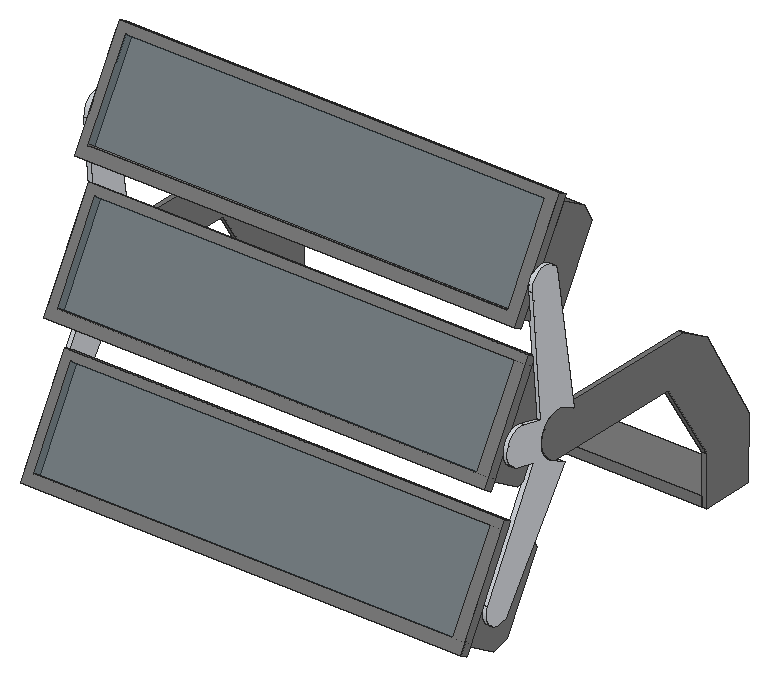
Revit family "Lighting-Proiezione-GEWISS-STADIUMPRO3-PROIETTORI-LED-ALTA-POTENZA_3MODULI", category Apparecchi per illuminazione, host Superficie, Revit 2019
Family settings
  Host = Superficie
  Quota connettore circolare = Usa diametro
  Tipo di parte = Normale
  Taglio con vuoti quando caricato = No
  Sorgente d'illuminazione = Sì
  Condiviso = No
  Punto di calcolo locali = Sì
Parameters (values of type "GWP3331AL740 - STADIUM PRO 3M CL.I C4 CRI 70 4000K")
  larghezza lampada = Lugnezza massima - 24 mm  # 50 mm
  Wattage = 9.2903 W
  Viti esterne = "Acciaio inossidabile"
  Visibilità etichetta [instance] = yes
  Visibilità simbolo [instance] = yes
  Visibilità lampada in pianta [instance] = yes
  Versioni = "Luce naturale 4000K"
  Versione file RFA = "21.4"
  Variazione temperatura colore lampada con luminosità attenuata = (empty or 0)
  Vano di alimentazione = "Esterno"
  URL = "https://www.gewiss.com/it/it"
  Tolleranza cromatica = "SDCM = 5"
  Tipologia sorgente luminosa = "LED - Non sostituibile"
  Tipo di installazione e montaggio = "Torrefaro - Parete"
  Tipo di apparecchio = "Proiettore LED ad alta potenza"
  Tensione di alimentazione = "Secondo driver esterno"
  Temperatura di stoccaggio = "-"
  Temperatura di esercizio = "-25 +50 °C"
  built-in parameter 1150107 = 3200 (stored number, unit not read)
  Superficie massima esposta al vento : = "0,36 m2"
  Spostamento_x_effettivo [instance] = 4000 mm - Spostamento_x  # 4000 mm
  Spostamento_x [instance] = 0 mm
  Spostamento_y_effettivo [instance] = 4000 mm - Spostamento_y  # 4000 mm
  Spostamento_y [instance] = 0 mm
  SostituibilitÃ  piastra di cablaggio = "Si"
  SostituibilitÃ  gruppo ottico = "Non disponibile"
  Sistema di controllo = "Secondo driver esterno"
  Schermo = "Vetro piano extrachiaro spessore 4mm"
  Scheda Tecnica = "https://www.gewiss.com/it/it/search?q=GWP3331AL740"
  SEO = "Proiettore"
  Resistenza al filo incandescente = "-"
  Resistenza agli urti = "IK08"
  ROTAZIONE [instance] = 45
  built-in parameter 1150110 = 1 (stored number, unit not read)
  built-in parameter 1150109 = 1 (stored number, unit not read)
  built-in parameter 1114218 = 1 (stored number, unit not read)
  built-in parameter 1150112 = 1 (stored number, unit not read)
  POSIZIONE = 80000  # constant formula
  Ottica = "Circolare 15°"
  Norma di riferimento = "EN60598-1; EN60598-2-5; IEC 62471; IEC 62778"
  built-in parameter 1150142 = (empty or 0)
  built-in parameter 1150137 = (empty or 0)
  built-in parameter 1150132 = (empty or 0)
  Materiali = "-"
  Lugnezza massima = 74 mm
  Default Elevation = 1219.2 mm
  Produttore = "GEWISS S.p.A."
  Nome quadro [instance] = "330W"
  Modello = "GWP3331AL740"
  built-in parameter 1150105 = 109.82 (stored number, unit not read)
  built-in parameter 1150102 = (empty or 0)
  Installazione e manutenzione = "-"
  Informazioni generali = "-"
  Indice di resa cromatica = "CRI70"
  Inclinazione = "Rotazione su staffa con goniometro integrato"
  Immagine tipo = StadiumPro3.jpg
  built-in parameter 1150106 = 1.0982 (stored number, unit not read)
  IPEA = "STRADALE = A+ // GRANDI AREE = A3+ // CICLOPEDONALI = A++ // AREE VERDI = A++ // CENTRO STORICO = A5+ // ALTRO = A5+"
  IDT = "0552d4b8-4f10-43b5-b8ac-94f59a03828d"
  IDF = "b2048fe9-9939-4037-9b2b-b47a7e936639"
  Guarnizioni = "silicone antinvecchiamento"
  Gruppo ottico = "lente T.I.R.Ex. in PMMA HT"
  Grado di protezione = "IP66"
  Garanzia = "5 anni"
  Gancio di chiusura = "-"
  Frequenza nominale (Hz) = "Secondo driver esterno"
  Lumens = 1380 lm
  Fissaggio = "Staffa"
  Finitura colore = "Verniciato a polvere poliestere"
  Color Filter = 16777215
  File diagramma fotometrico = "generic"
  built-in parameter 1114217 = 1 (stored number, unit not read)
  built-in parameter 1150139 = (empty or 0)
  Failure rate alimentatore = "Secondo driver esterno"
  Emit from Line Length = 609.6 mm
  built-in parameter 1150104 = 13.8 (stored number, unit not read)
  Durata di vita = "L90B10(Tq25°C)=40.000h; L80B10(Tq25°C)=75.000h"
  Distanza dal host [instance] = 0 mm
  Dispositivo di protezione = "Secondo driver esterno"
  built-in parameter 1150115 = 1 (stored number, unit not read)
  built-in parameter 1150114 = 1 (stored number, unit not read)
  built-in parameter 1150113 = 1 (stored number, unit not read)
  Descrizione = "STADIUM PRO 3M CL.I C4 CRI 70 4000K"
  Creato da GEWISS S.p.A. = ""
  Corpo = "Alluminio pressofuso"
  Controllo abbagliamento e luminanza = "ULOR = 0%"
  Contesto = "Illuminazione sportiva professionale"
  built-in parameter 1150134 = 3
  built-in parameter 1150138 = (empty or 0)
  Colore = "Grigio grafite"
  Codice digitale univoco (Datamatrix) = "Attualmente non presente"
  Codice EAN = ""
  Classificazione: = "-"
  Classe isolamento = "I"
  Classe fotobiologica = "-"
  Certificazioni e classificazioni = "-"
  Certificazione DIN 18032-3 = "-"
  Catalogo = "LIGHTING"
  Caratteristiche ottiche e illuminotecniche = "-"
  Caratteristiche elettriche e gestione della luce = "-"
  Cablaggio = "Cavo multipolare tra proiettore e gruppo alimentazione"
  COBie.Tagnumber = ""
  COBie.CreatedOn = ""
  COBie.CreatebBy = ""
  COBie.ComponentRegisterItemID = ""
  COBie.Component.TagNumber = ""
  COBie.Component.Space = ""
  COBie.Component.SerialNumber = ""
  COBie.Component.InstallationDate = ""
  COBie.Component.Description = ""
  COBie.Component.BarCode = ""
  Applicazione = "Interno / Esterno"
  Apparecchio a ridotta temperatura superficiale = "-"
  Angolo inclinazione = 60.00°
  Alimentatore = "Da ordinare separatamente"
  built-in parameter 1150133 = 10 (stored number, unit not read)
Types (45, lengths in mm): name | Versioni | Tolleranza cromatica | Scheda Tecnica | Ottica | Modello | Indice di resa cromatica | IPEA | IDT | Descrizione | Catalogo
  GWP3331AA740 - STADIUM PRO 3M CL.I S1 CRI 70 4000K | "Luce naturale 4000K" | "SDCM = 5" | "https://www.gewiss.com/it/it/search?q=GWP3331AA740" | "Ellittica 20°x80°" | "GWP3331AA740" | "CRI70" | "STRADALE = A // GRANDI AREE = A++ // CICLOPEDONALI = A+ // AREE VERDI = A+ // CENTRO STORICO = A3+ // ALTRO = A3+" | "71fdabe4-705b-402b-bde7-404b13334075" | "STADIUM PRO 3M CL.I S1 CRI 70 4000K" | "LIGHTING"
  GWP3331AA757 - STADIUM PRO 3M CL.I S1 CRI 70 5700K | "Luce fredda 5700K" | "SDCM = 5" | "https://www.gewiss.com/it/it/search?q=GWP3331AA757" | "Ellittica 20°x80°" | "GWP3331AA757" | "CRI70" | "STRADALE = A // GRANDI AREE = A++ // CICLOPEDONALI = A+ // AREE VERDI = A+ // CENTRO STORICO = A3+ // ALTRO = A3+" | "86822715-ef8b-44fd-92cd-ddf05a0e0fc7" | "STADIUM PRO 3M CL.I S1 CRI 70 5700K" | "LIGHTING"
  GWP3331AA840 - STADIUM PRO 3M CL.I S1 CRI 80 4000K | "Luce naturale 4000K" | "SDCM = 3" | "https://www.gewiss.com/it/it/search?q=GWP3331AA840" | "Ellittica 20°x80°" | "GWP3331AA840" | "CRI 80" | "STRADALE = C // GRANDI AREE = A // CICLOPEDONALI = B // AREE VERDI = B // CENTRO STORICO = A+ // ALTRO = A+" | "6c9d6176-3996-44ba-8557-1cde0ca94f63" | "STADIUM PRO 3M CL.I S1 CRI 80 4000K" | "LIGHTING"
  GWP3331AA857 - STADIUM PRO 3M CL.I S1 CRI 80 5700K | "Luce fredda 5700K" | "SDCM = 3" | "https://www.gewiss.com/it/it/search?q=GWP3331AA857" | "Ellittica 20°x80°" | "GWP3331AA857" | "CRI 80" | "STRADALE = C // GRANDI AREE = A // CICLOPEDONALI = B // AREE VERDI = B // CENTRO STORICO = A+ // ALTRO = A+" | "d7a86529-2c71-42a8-9ee4-7475fefc1f36" | "STADIUM PRO 3M CL.I S1 CRI 80 5700K" | "LIGHTING"
  GWP3331AA957 - STADIUM PRO 3M CL.I S1 CRI 90 5700K | "Luce fredda 5700K" | "SDCM = 3" | "https://www.gewiss.com/it/it/search?q=GWP3331AA957" | "Ellittica 20°x80°" | "GWP3331AA957" | "CRI>90 TLCI>80" | "STRADALE = D // GRANDI AREE = C // CICLOPEDONALI = C // AREE VERDI = C // CENTRO STORICO = B // ALTRO = B" | "8c9b0eee-78f9-48f0-b5b3-69a8bcf728a4" | "STADIUM PRO 3M CL.I S1 CRI 90 5700K" | "LIGHTING"
  GWP3331AB740 - STADIUM PRO 3M CL.I A1 CRI 70 4000K | "Luce naturale 4000K" | "SDCM = 5" | "https://www.gewiss.com/it/it/search?q=GWP3331AB740" | "Asimmetrica 45°" | "GWP3331AB740" | "CRI70" | "STRADALE = B // GRANDI AREE = A+ // CICLOPEDONALI = A // AREE VERDI = A // CENTRO STORICO = A++ // ALTRO = A++" | "7779b545-235d-4d2d-a88c-e6b2111916b2" | "STADIUM PRO 3M CL.I A1 CRI 70 4000K" | "LIGHTING"
  GWP3331AB757 - STADIUM PRO 3M CL.I A1 CRI 70 5700K | "Luce fredda 5700K" | "SDCM = 5" | "https://www.gewiss.com/it/it/search?q=GWP3331AB757" | "Asimmetrica 45°" | "GWP3331AB757" | "CRI70" | "STRADALE = B // GRANDI AREE = A+ // CICLOPEDONALI = A // AREE VERDI = A // CENTRO STORICO = A++ // ALTRO = A++" | "cd94a00a-7a15-480d-99f9-1775612c0266" | "STADIUM PRO 3M CL.I A1 CRI 70 5700K" | "LIGHTING"
  GWP3331AB840 - STADIUM PRO 3M CL.I A1 CRI 80 4000K | "Luce naturale 4000K" | "SDCM = 3" | "https://www.gewiss.com/it/it/search?q=GWP3331AB840" | "Asimmetrica 45°" | "GWP3331AB840" | "CRI 80" | "STRADALE = C // GRANDI AREE = B // CICLOPEDONALI = C // AREE VERDI = C // CENTRO STORICO = A+ // ALTRO = A+" | "0763388b-06d3-4791-af85-db7ff9b0ad57" | "STADIUM PRO 3M CL.I A1 CRI 80 4000K" | "LIGHTING"
  GWP3331AB857 - STADIUM PRO 3M CL.I A1 CRI 80 5700K | "Luce fredda 5700K" | "SDCM = 3" | "https://www.gewiss.com/it/it/search?q=GWP3331AB857" | "Asimmetrica 45°" | "GWP3331AB857" | "CRI 80" | "STRADALE = C // GRANDI AREE = B // CICLOPEDONALI = C // AREE VERDI = C // CENTRO STORICO = A+ // ALTRO = A+" | "0cd2f741-1339-4252-b5d5-594086270e6f" | "STADIUM PRO 3M CL.I A1 CRI 80 5700K" | "LIGHTING"
  GWP3331AB957 - STADIUM PRO 3M CL.I A1 CRI 90 5700K | "Luce fredda 5700K" | "SDCM = 3" | "https://www.gewiss.com/it/it/search?q=GWP3331AB957" | "Asimmetrica 45°" | "GWP3331AB957" | "CRI>90 TLCI>80" | "STRADALE = D // GRANDI AREE = C // CICLOPEDONALI = D // AREE VERDI = D // CENTRO STORICO = B // ALTRO = B" | "7879698d-3909-4ecf-8006-535fa260dbb2" | "STADIUM PRO 3M CL.I A1 CRI 90 5700K" | "LIGHTING"
  GWP3331AC740 - STADIUM PRO 3M CL.I A2 CRI 70 4000K | "Luce naturale 4000K" | "SDCM = 5" | "https://www.gewiss.com/it/it/search?q=GWP3331AC740" | "Asimmetrica 60°" | "GWP3331AC740" | "CRI70" | "STRADALE = C // GRANDI AREE = A // CICLOPEDONALI = B // AREE VERDI = B // CENTRO STORICO = A+ // ALTRO = A+" | "815a150e-9c42-445c-a4b8-0061953f2721" | "STADIUM PRO 3M CL.I A2 CRI 70 4000K" | "LIGHTING"
  GWP3331AC757 - STADIUM PRO 3M CL.I A2 CRI 70 5700K | "Luce fredda 5700K" | "SDCM = 5" | "https://www.gewiss.com/it/it/search?q=GWP3331AC757" | "Asimmetrica 60°" | "GWP3331AC757" | "CRI70" | "STRADALE = C // GRANDI AREE = A // CICLOPEDONALI = B // AREE VERDI = B // CENTRO STORICO = A+ // ALTRO = A+" | "915c9f21-ba1a-4954-849c-20926e506c8f" | "STADIUM PRO 3M CL.I A2 CRI 70 5700K" | "LIGHTING"
  GWP3331AC840 - STADIUM PRO 3M CL.I A2 CRI 80 4000K | "Luce naturale 4000K" | "SDCM = 3" | "https://www.gewiss.com/it/it/search?q=GWP3331AC840" | "Asimmetrica 60°" | "GWP3331AC840" | "CRI 80" | "STRADALE = D // GRANDI AREE = B // CICLOPEDONALI = C // AREE VERDI = C // CENTRO STORICO = A // ALTRO = A" | "36156798-dc2a-4a24-876f-3ad15a323767" | "STADIUM PRO 3M CL.I A2 CRI 80 4000K" | "LIGHTING"
  GWP3331AC857 - STADIUM PRO 3M CL.I A2 CRI 80 5700K | "Luce fredda 5700K" | "SDCM = 3" | "https://www.gewiss.com/it/it/search?q=GWP3331AC857" | "Asimmetrica 60°" | "GWP3331AC857" | "CRI 80" | "STRADALE = D // GRANDI AREE = B // CICLOPEDONALI = C // AREE VERDI = C // CENTRO STORICO = A // ALTRO = A" | "a20a3174-aa11-4737-9ba4-7e90430fb485" | "STADIUM PRO 3M CL.I A2 CRI 80 5700K" | "LIGHTING"
  GWP3331AC957 - STADIUM PRO 3M CL.I A2 CRI 90 5700K | "Luce fredda 5700K" | "SDCM = 3" | "https://www.gewiss.com/it/it/search?q=GWP3331AC957" | "Asimmetrica 60°" | "GWP3331AC957" | "CRI>90 TLCI>80" | "STRADALE = D // GRANDI AREE = C // CICLOPEDONALI = D // AREE VERDI = D // CENTRO STORICO = C // ALTRO = C" | "6608a637-5511-41da-b4f4-c256cdc47868" | "STADIUM PRO 3M CL.I A2 CRI 90 5700K" | "LIGHTING"
  GWP3331AF740 - STADIUM PRO 3M CL.I C1 CRI 70 4000K | "Luce naturale 4000K" | "SDCM = 5" | "https://www.gewiss.com/it/it/search?q=GWP3331AF740" | "Circolare 40°" | "GWP3331AF740" | "CRI70" | "STRADALE = A // GRANDI AREE = A++ // CICLOPEDONALI = A+ // AREE VERDI = A+ // CENTRO STORICO = A3+ // ALTRO = A3+" | "f46962fe-b53f-4c9f-81fd-3338e319fd29" | "STADIUM PRO 3M CL.I C1 CRI 70 4000K" | "LIGHTING"
  GWP3331AF757 - STADIUM PRO 3M CL.I C1 CRI 70 5700K | "Luce fredda 5700K" | "SDCM = 5" | "https://www.gewiss.com/it/it/search?q=GWP3331AF757" | "Circolare 40°" | "GWP3331AF757" | "CRI70" | "STRADALE = A // GRANDI AREE = A++ // CICLOPEDONALI = A+ // AREE VERDI = A+ // CENTRO STORICO = A3+ // ALTRO = A3+" | "702547e1-c0cd-444c-8765-e8e4b7414ba0" | "STADIUM PRO 3M CL.I C1 CRI 70 5700K" | "LIGHTING"
  GWP3331AF840 - STADIUM PRO 3M CL.I C1 CRI 80 4000K | "Luce naturale 4000K" | "SDCM = 3" | "https://www.gewiss.com/it/it/search?q=GWP3331AF840" | "Circolare 40°" | "GWP3331AF840" | "CRI 80" | "STRADALE = C // GRANDI AREE = A // CICLOPEDONALI = B // AREE VERDI = B // CENTRO STORICO = A+ // ALTRO = A+" | "a2956d2d-f5de-4c93-86d0-7d418a8d4cef" | "STADIUM PRO 3M CL.I C1 CRI 80 4000K" | "LIGHTING"
  GWP3331AF857 - STADIUM PRO 3M CL.I C1 CRI 80 5700K | "Luce fredda 5700K" | "SDCM = 3" | "https://www.gewiss.com/it/it/search?q=GWP3331AF857" | "Circolare 40°" | "GWP3331AF857" | "CRI 80" | "STRADALE = C // GRANDI AREE = A // CICLOPEDONALI = B // AREE VERDI = B // CENTRO STORICO = A+ // ALTRO = A+" | "92a87940-a9e4-4797-9f21-019feff4503c" | "STADIUM PRO 3M CL.I C1 CRI 80 5700K" | "LIGHTING"
  GWP3331AF957 - STADIUM PRO 3M CL.I C1 CRI 90 5700K | "Luce fredda 5700K" | "SDCM = 3" | "https://www.gewiss.com/it/it/search?q=GWP3331AF957" | "Circolare 40°" | "GWP3331AF957" | "CRI>90 TLCI>80" | "STRADALE = D // GRANDI AREE = C // CICLOPEDONALI = C // AREE VERDI = C // CENTRO STORICO = B // ALTRO = B" | "6ac2cecf-453b-4bb9-a587-70d62aa0fd80" | "STADIUM PRO 3M CL.I C1 CRI 90 5700K" | "LIGHTING"
  GWP3331AG740 - STADIUM PRO 3M CL.I C2 CRI 70 4000K | "Luce naturale 4000K" | "SDCM = 5" | "https://www.gewiss.com/it/it/search?q=GWP3331AG740" | "Circolare 30°" | "GWP3331AG740" | "CRI70" | "STRADALE = A // GRANDI AREE = A3+ // CICLOPEDONALI = A+ // AREE VERDI = A+ // CENTRO STORICO = A4+ // ALTRO = A4+" | "5290b1b7-c64a-49e5-8722-827858a68237" | "STADIUM PRO 3M CL.I C2 CRI 70 4000K" | "E-MOBILITY"
  GWP3331AG757 - STADIUM PRO 3M CL.I C2 CRI 70 5700K | "Luce fredda 5700K" | "SDCM = 5" | "https://www.gewiss.com/it/it/search?q=GWP3331AG757" | "Circolare 30°" | "GWP3331AG757" | "CRI70" | "STRADALE = A // GRANDI AREE = A3+ // CICLOPEDONALI = A+ // AREE VERDI = A+ // CENTRO STORICO = A4+ // ALTRO = A4+" | "81c4e4d4-3526-4bd5-a476-a2a7c36a0262" | "STADIUM PRO 3M CL.I C2 CRI 70 5700K" | "E-MOBILITY"
  GWP3331AG840 - STADIUM PRO 3M CL.I C2 CRI 80 4000K | "Luce naturale 4000K" | "SDCM = 3" | "https://www.gewiss.com/it/it/search?q=GWP3331AG840" | "Circolare 30°" | "GWP3331AG840" | "CRI 80" | "STRADALE = B // GRANDI AREE = A+ // CICLOPEDONALI = A // AREE VERDI = A // CENTRO STORICO = A++ // ALTRO = A++" | "a9f5d21e-61cc-4412-90f5-663f16b3a050" | "STADIUM PRO 3M CL.I C2 CRI 80 4000K" | "E-MOBILITY"
  GWP3331AG857 - STADIUM PRO 3M CL.I C2 CRI 80 5700K | "Luce fredda 5700K" | "SDCM = 3" | "https://www.gewiss.com/it/it/search?q=GWP3331AG857" | "Circolare 30°" | "GWP3331AG857" | "CRI 80" | "STRADALE = B // GRANDI AREE = A+ // CICLOPEDONALI = A // AREE VERDI = A // CENTRO STORICO = A++ // ALTRO = A++" | "774f905b-7e1d-4775-b545-e0850524c04a" | "STADIUM PRO 3M CL.I C2 CRI 80 5700K" | "E-MOBILITY"
  GWP3331AG957 - STADIUM PRO 3M CL.I C2 CRI 90 5700K | "Luce fredda 5700K" | "SDCM = 3" | "https://www.gewiss.com/it/it/search?q=GWP3331AG957" | "Circolare 30°" | "GWP3331AG957" | "CRI>90 TLCI>80" | "STRADALE = C // GRANDI AREE = B // CICLOPEDONALI = C // AREE VERDI = C // CENTRO STORICO = A // ALTRO = A" | "db11d14e-f22d-4704-b172-c2878a01aaf5" | "STADIUM PRO 3M CL.I C2 CRI 90 5700K" | "E-MOBILITY"
  GWP3331AH740 - STADIUM PRO 3M CL.I C3 CRI 70 4000K | "Luce naturale 4000K" | "SDCM = 5" | "https://www.gewiss.com/it/it/search?q=GWP3331AH740" | "Circolare 20°" | "GWP3331AH740" | "CRI70" | "STRADALE = A // GRANDI AREE = A3+ // CICLOPEDONALI = A+ // AREE VERDI = A+ // CENTRO STORICO = A4+ // ALTRO = A4+" | "ce776ef3-688d-444e-bfc2-ab5dcef6a08b" | "STADIUM PRO 3M CL.I C3 CRI 70 4000K" | "LIGHTING"
  GWP3331AH757 - STADIUM PRO 3M CL.I C3 CRI 70 5700K | "Luce fredda 5700K" | "SDCM = 5" | "https://www.gewiss.com/it/it/search?q=GWP3331AH757" | "Circolare 20°" | "GWP3331AH757" | "CRI70" | "STRADALE = A // GRANDI AREE = A3+ // CICLOPEDONALI = A+ // AREE VERDI = A+ // CENTRO STORICO = A4+ // ALTRO = A4+" | "bf0c7a26-62ab-4f78-b6cd-52980975e69f" | "STADIUM PRO 3M CL.I C3 CRI 70 5700K" | "LIGHTING"
  GWP3331AH840 - STADIUM PRO 3M CL.I C3 CRI 80 4000K | "Luce naturale 4000K" | "SDCM = 3" | "https://www.gewiss.com/it/it/search?q=GWP3331AH840" | "Circolare 20°" | "GWP3331AH840" | "CRI 80" | "STRADALE = B // GRANDI AREE = A+ // CICLOPEDONALI = A // AREE VERDI = A // CENTRO STORICO = A++ // ALTRO = A++" | "97a5dc25-16c0-4c51-8f42-66c89eeb39dc" | "STADIUM PRO 3M CL.I C3 CRI 80 4000K" | "LIGHTING"
  GWP3331AH857 - STADIUM PRO 3M CL.I C3 CRI 80 5700K | "Luce fredda 5700K" | "SDCM = 3" | "https://www.gewiss.com/it/it/search?q=GWP3331AH857" | "Circolare 20°" | "GWP3331AH857" | "CRI 80" | "STRADALE = B // GRANDI AREE = A+ // CICLOPEDONALI = A // AREE VERDI = A // CENTRO STORICO = A++ // ALTRO = A++" | "dce5b2c5-2183-47f1-afb5-765aefca26e8" | "STADIUM PRO 3M CL.I C3 CRI 80 5700K" | "LIGHTING"
  GWP3331AH957 - STADIUM PRO 3M CL.I C3 CRI 90 5700K | "Luce fredda 5700K" | "SDCM = 3" | "https://www.gewiss.com/it/it/search?q=GWP3331AH957" | "Circolare 20°" | "GWP3331AH957" | "CRI>90 TLCI>80" | "STRADALE = C // GRANDI AREE = B // CICLOPEDONALI = C // AREE VERDI = C // CENTRO STORICO = A // ALTRO = A" | "ba6318ad-611b-439e-b5c2-aca014c0d9dc" | "STADIUM PRO 3M CL.I C3 CRI 90 5700K" | "LIGHTING"
  GWP3331AL740 - STADIUM PRO 3M CL.I C4 CRI 70 4000K | "Luce naturale 4000K" | "SDCM = 5" | "https://www.gewiss.com/it/it/search?q=GWP3331AL740" | "Circolare 15°" | "GWP3331AL740" | "CRI70" | "STRADALE = A+ // GRANDI AREE = A3+ // CICLOPEDONALI = A++ // AREE VERDI = A++ // CENTRO STORICO = A5+ // ALTRO = A5+" | "0552d4b8-4f10-43b5-b8ac-94f59a03828d" | "STADIUM PRO 3M CL.I C4 CRI 70 4000K" | "LIGHTING"
  GWP3331AL757 - STADIUM PRO 3M CL.I C4 CRI 70 5700K | "Luce fredda 5700K" | "SDCM = 5" | "https://www.gewiss.com/it/it/search?q=GWP3331AL757" | "Circolare 15°" | "GWP3331AL757" | "CRI70" | "STRADALE = A+ // GRANDI AREE = A3+ // CICLOPEDONALI = A++ // AREE VERDI = A++ // CENTRO STORICO = A5+ // ALTRO = A5+" | "73ce639a-ade1-45e8-83a6-d947f467ffc0" | "STADIUM PRO 3M CL.I C4 CRI 70 5700K" | "LIGHTING"
  GWP3331AL840 - STADIUM PRO 3M CL.I C4 CRI 80 4000K | "Luce naturale 4000K" | "SDCM = 3" | "https://www.gewiss.com/it/it/search?q=GWP3331AL840" | "Circolare 15°" | "GWP3331AL840" | "CRI 80" | "STRADALE = B // GRANDI AREE = A+ // CICLOPEDONALI = A // AREE VERDI = A // CENTRO STORICO = A++ // ALTRO = A++" | "19e65261-286f-48ed-97d2-5e6e49ac884a" | "STADIUM PRO 3M CL.I C4 CRI 80 4000K" | "LIGHTING"
  GWP3331AL857 - STADIUM PRO 3M CL.I C4 CRI 80 5700K | "Luce fredda 5700K" | "SDCM = 3" | "https://www.gewiss.com/it/it/search?q=GWP3331AL857" | "Circolare 15°" | "GWP3331AL857" | "CRI 80" | "STRADALE = B // GRANDI AREE = A+ // CICLOPEDONALI = A // AREE VERDI = A // CENTRO STORICO = A++ // ALTRO = A++" | "ff0fbeb8-f432-456e-b48a-ec8e42250fba" | "STADIUM PRO 3M CL.I C4 CRI 80 5700K" | "LIGHTING"
  GWP3331AL957 - STADIUM PRO 3M CL.I C4 CRI 90 5700K | "Luce fredda 5700K" | "SDCM = 3" | "https://www.gewiss.com/it/it/search?q=GWP3331AL957" | "Circolare 15°" | "GWP3331AL957" | "CRI>90 TLCI>80" | "STRADALE = C // GRANDI AREE = B // CICLOPEDONALI = C // AREE VERDI = C // CENTRO STORICO = A // ALTRO = A" | "a7b0abd9-eeeb-44e5-8f71-daae8391bdf7" | "STADIUM PRO 3M CL.I C4 CRI 90 5700K" | "LIGHTING"
  GWP3331AM740 - STADIUM PRO 3M CL.I C5 CRI 70 4000K | "Luce naturale 4000K" | "SDCM = 5" | "https://www.gewiss.com/it/it/search?q=GWP3331AM740" | "Circolare 10°" | "GWP3331AM740" | "CRI70" | "STRADALE = A+ // GRANDI AREE = A3+ // CICLOPEDONALI = A++ // AREE VERDI = A++ // CENTRO STORICO = A5+ // ALTRO = A5+" | "b7cdc911-917d-4dfa-b375-a9316b186adc" | "STADIUM PRO 3M CL.I C5 CRI 70 4000K" | "LIGHTING"
  GWP3331AM757 - STADIUM PRO 3M CL.I C5 CRI 70 5700K | "Luce fredda 5700K" | "SDCM = 5" | "https://www.gewiss.com/it/it/search?q=GWP3331AM757" | "Circolare 10°" | "GWP3331AM757" | "CRI70" | "STRADALE = A+ // GRANDI AREE = A3+ // CICLOPEDONALI = A++ // AREE VERDI = A++ // CENTRO STORICO = A5+ // ALTRO = A5+" | "f908a28e-8f6d-4745-a78d-ffd2d7fa923e" | "STADIUM PRO 3M CL.I C5 CRI 70 5700K" | "LIGHTING"
  GWP3331AM840 - STADIUM PRO 3M CL.I C5 CRI 80 4000K | "Luce naturale 4000K" | "SDCM = 3" | "https://www.gewiss.com/it/it/search?q=GWP3331AM840" | "Circolare 10°" | "GWP3331AM840" | "CRI 80" | "STRADALE = B // GRANDI AREE = A+ // CICLOPEDONALI = A // AREE VERDI = A // CENTRO STORICO = A++ // ALTRO = A++" | "215ed7bf-df99-4965-a5d5-e1b266dc5921" | "STADIUM PRO 3M CL.I C5 CRI 80 4000K" | "LIGHTING"
  GWP3331AM857 - STADIUM PRO 3M CL.I C5 CRI 80 5700K | "Luce fredda 5700K" | "SDCM = 3" | "https://www.gewiss.com/it/it/search?q=GWP3331AM857" | "Circolare 10°" | "GWP3331AM857" | "CRI 80" | "STRADALE = B // GRANDI AREE = A+ // CICLOPEDONALI = A // AREE VERDI = A // CENTRO STORICO = A++ // ALTRO = A++" | "cc49035c-61d2-40c0-96bd-6905311b9708" | "STADIUM PRO 3M CL.I C5 CRI 80 5700K" | "LIGHTING"
  GWP3331AM957 - STADIUM PRO 3M CL.I C5 CRI 90 5700K | "Luce fredda 5700K" | "SDCM = 3" | "https://www.gewiss.com/it/it/search?q=GWP3331AM957" | "Circolare 10°" | "GWP3331AM957" | "CRI>90 TLCI>80" | "STRADALE = C // GRANDI AREE = B // CICLOPEDONALI = C // AREE VERDI = C // CENTRO STORICO = A // ALTRO = A" | "683fba22-30e8-4dd1-a8d4-a609f3f74284" | "STADIUM PRO 3M CL.I C5 CRI 90 5700K" | "LIGHTING"
  GWP3331AN740 - STADIUM PRO 3M CL.I C6 CRI 70 4000K | "Luce naturale 4000K" | "SDCM = 5" | "https://www.gewiss.com/it/it/search?q=GWP3331AN740" | "Circolare 8°" | "GWP3331AN740" | "CRI70" | "STRADALE = A // GRANDI AREE = A++ // CICLOPEDONALI = A+ // AREE VERDI = A+ // CENTRO STORICO = A3+ // ALTRO = A3+" | "7a008514-a58f-4326-89a7-589802c57b4a" | "STADIUM PRO 3M CL.I C6 CRI 70 4000K" | "LIGHTING"
  GWP3331AN757 - STADIUM PRO 3M CL.I C6 CRI 70 5700K | "Luce fredda 5700K" | "SDCM = 5" | "https://www.gewiss.com/it/it/search?q=GWP3331AN757" | "Circolare 8°" | "GWP3331AN757" | "CRI70" | "STRADALE = A // GRANDI AREE = A++ // CICLOPEDONALI = A+ // AREE VERDI = A+ // CENTRO STORICO = A3+ // ALTRO = A3+" | "4e45877b-e59a-42db-a2e8-606d3c806e60" | "STADIUM PRO 3M CL.I C6 CRI 70 5700K" | "LIGHTING"
  GWP3331AN840 - STADIUM PRO 3M CL.I C6 CRI 80 4000K | "Luce naturale 4000K" | "SDCM = 3" | "https://www.gewiss.com/it/it/search?q=GWP3331AN840" | "Circolare 8°" | "GWP3331AN840" | "CRI 80" | "STRADALE = C // GRANDI AREE = A // CICLOPEDONALI = B // AREE VERDI = B // CENTRO STORICO = A+ // ALTRO = A+" | "428c101d-cf29-407a-a6e5-3667f7e04ae1" | "STADIUM PRO 3M CL.I C6 CRI 80 4000K" | "LIGHTING"
  GWP3331AN857 - STADIUM PRO 3M CL.I C6 CRI 80 5700K | "Luce fredda 5700K" | "SDCM = 3" | "https://www.gewiss.com/it/it/search?q=GWP3331AN857" | "Circolare 8°" | "GWP3331AN857" | "CRI 80" | "STRADALE = C // GRANDI AREE = A // CICLOPEDONALI = B // AREE VERDI = B // CENTRO STORICO = A+ // ALTRO = A+" | "2f198fc4-9a28-4f4b-ac8e-fee77655797c" | "STADIUM PRO 3M CL.I C6 CRI 80 5700K" | "LIGHTING"
  GWP3331AN957 - STADIUM PRO 3M CL.I C6 CRI 90 5700K | "Luce fredda 5700K" | "SDCM = 3" | "https://www.gewiss.com/it/it/search?q=GWP3331AN957" | "Circolare 8°" | "GWP3331AN957" | "CRI>90 TLCI>80" | "STRADALE = D // GRANDI AREE = C // CICLOPEDONALI = C // AREE VERDI = C // CENTRO STORICO = B // ALTRO = B" | "6f5f09dc-d08a-4090-8c79-dae2e8ca9029" | "STADIUM PRO 3M CL.I C6 CRI 90 5700K" | "LIGHTING"
Reference planes
  plane 1 "Centro (Fronte/Retro)": y = 0
  plane 2: z = 0
  plane 3 "Centro (Sinistra/Destra)": x = 0
  plane 4: x = -4000
  plane 5: x = 0
  plane 6: x = 0
  plane 7: y = -4000
  plane 8: y = 0
  plane 9 "a": through (0, -290.182, 34.975) normal (0, -0.7071, 0.7071)
  plane 10: through (-235.047, -128.222, 1219.2) normal (-0.9563, 0.2924, 0)
  plane 11: through (-40, -89.462, 1219.2) normal (0.1564, 0.9877, 0)
  plane 12: through (239.503, 190.64, 1219.2) normal (0.9563, -0.2924, 0)
Dimensions and locks
  plane 4 to plane 3 "Centro (Sinistra/Destra)" = 4000 mm  (x2)
  "Spostamento_x_effettivo": plane 4 to plane 5
  "Spostamento_x_effettivo": plane 6 to plane 4
  "Spostamento_y_effettivo": plane 8 to plane 7
  plane 1 "Centro (Fronte/Retro)" to plane 7 = 4000 mm
  angle plane 11 to plane 12 = 82.00°  (x2)
  angle plane 10 to plane 11 = 98.00°
  aligned and locked: plane 2 to host face
  aligned and locked: level to host face
  aligned and locked: plane 6 to nested 1
  aligned and locked: nested 1 to plane 8
  aligned and locked: plane 8 to nested 2
  aligned and locked: imposter light to nested 2
Automatic sketch dimensions
  host sketch curve to host sketch curve = 2438.4 mm  (x2)
Nested families
  nested 1: "Etichetta light" at (0, 0, 0), visible <- "Visibilità etichetta", type "Etichetta light"
  nested 2: "STADIUM PRO 3_led" at (0, -90, 0), type "STADIUM PRO 3_led"
Definition of nested family "STADIUM PRO 3_led"
  Parameters (values of type "STADIUM PRO 3_led")
    led = none
    l_proiettore = 772 mm
    h_lampada = 58 mm
    Finitura struttura = none
  Reference planes
    plane 1 "Centro (Fronte/Retro)": y = 0
    plane 2: z = 0
    plane 3 "Centro (Sinistra/Destra)": x = 0
    plane 4: x = 386
    plane 5: x = 378
    plane 6: x = -386
    plane 7: x = -378
    plane 8: y = 90
  Forms (mm)
    Extrusion 1, solid, material <- "Finitura struttura"
      sketch origin (0, 0, 0) x (0, 1, 0) y (0, 0, -1)
        loop
          arc (-316.352, -217.267) -> (-353.722, -254.637) -> (-316.352, -292.007) r 37.37
          line (-316.352, -292.007) -> (-48.852, -292.007) -> (0, -263.802) -> (90, -107.918) -> (90, 0) -> (0, 0) -> (0, -85) -> (-82.649, -217.267) -> (-316.352, -217.267)
      from 378 to 386
    Extrusion 2, solid, material <- "Finitura struttura"
      sketch origin (0, 0, 0) x (1, 0, 0) y (0, 1, 0)
        loop
          line (378, 0) -> (378, 90) -> (-378, 90) -> (-378, 0) -> (378, 0)
      from 0 to 16.178
    Extrusion 3, solid, material <- "Finitura struttura"
      sketch origin (0, 0, 0) x (0, 1, 0) y (0, 0, 1)
        loop
          line (-316.352, 217.267) -> (-82.649, 217.267) -> (0, 85) -> (0, 0) -> (90, 0) -> (90, 107.918) -> (0, 263.802) -> (-48.852, 292.007) -> (-316.352, 292.007)
          arc (-316.352, 292.007) -> (-353.722, 254.637) -> (-316.352, 217.267) r 37.37
      from 378 to 386
    Extrusion 4, solid, material <- "led"
      sketch origin (0, 1268.525, -1383.744) x (0, 0.866025, -0.5) y (0, 0.5, 0.866025)
        loop
          line (-2238.14, 322.274) -> (-2223.14, 322.274) -> (-2223.14, 482.274) -> (-2238.14, 482.274) -> (-2238.14, 322.274)
      from -378 to 378
    Extrusion 5, solid, material <- "Finitura struttura"
      sketch origin (0, 1262.235, -1379.076) x (0, 0.866025, -0.5) y (0, 0.5, 0.866025)
        loop
          line (-2215.359, 316.368) -> (-2156.261, 316.368) -> (-2135.048, 337.581) -> (-2135.048, 467.581) -> (-2165.359, 485.081) -> (-2215.359, 485.081) -> (-2215.359, 316.368)
      from -378 to 378
    Extrusion 6, solid, material <- "Finitura struttura"
      sketch origin (0, -28.39, -231.475) x (1, 0, 0) y (0, 0.5, 0.866025)
        loop
          line (-378, 146.542) -> (-378, -45.315) -> (378, -45.315) -> (378, 146.542) -> (-378, 146.542)
        loop
          line (-362.033, 132.837) -> (-362.033, -27.163) -> (357.967, -27.163) -> (357.967, 132.837) -> (-362.033, 132.837)
      from 523.844 to 538.844
    Extrusion 7, solid, material <- "Finitura struttura", not visible
      sketch origin (0, 1866.103, -348.539) x (0, 1, 0) y (0, 0, 1)
        loop
          line (-2215.359, 316.368) -> (-2156.261, 316.368) -> (-2135.048, 337.581) -> (-2135.048, 467.581) -> (-2165.359, 485.081) -> (-2215.359, 485.081) -> (-2215.359, 316.368)
      from -378 to 378
    Extrusion 8, solid, material <- "Finitura struttura", not visible
      sketch origin (0, 0, 0) x (1, 0, 0) y (0, 0, 1)
        loop
          line (-378, 146.542) -> (-378, -45.315) -> (378, -45.315) -> (378, 146.542) -> (-378, 146.542)
        loop
          line (-362.033, 132.837) -> (-362.033, -27.163) -> (357.967, -27.163) -> (357.967, 132.837) -> (-362.033, 132.837)
      from 349.256 to 364.256
    Extrusion 9, solid, material <- "Finitura struttura"
      sketch origin (0, 1313.7, -1147.467) x (0, 0.866025, -0.5) y (0, 0.5, 0.866025)
        loop
          line (-2215.359, 316.368) -> (-2156.261, 316.368) -> (-2135.048, 337.581) -> (-2135.048, 467.581) -> (-2165.359, 485.081) -> (-2215.359, 485.081) -> (-2215.359, 316.368)
      from -378 to 378
    Extrusion 10, solid, material <- "Finitura struttura"
      sketch origin (0, -128.124, 87.428) x (1, 0, 0) y (0, 0.5, 0.866025)
        loop
          line (-378, 146.542) -> (-378, -45.315) -> (378, -45.315) -> (378, 146.542) -> (-378, 146.542)
        loop
          line (-362.033, 132.837) -> (-362.033, -27.163) -> (357.967, -27.163) -> (357.967, 132.837) -> (-362.033, 132.837)
      from 349.256 to 364.256
    Extrusion 11, solid, material <- "Finitura struttura"
      sketch origin (0, 1379.031, -926.749) x (0, 0.866025, -0.5) y (0, 0.5, 0.866025)
        loop
          line (-2215.359, 316.368) -> (-2156.261, 316.368) -> (-2135.048, 337.581) -> (-2135.048, 467.581) -> (-2165.359, 485.081) -> (-2215.359, 485.081) -> (-2215.359, 316.368)
      from -378 to 378
    Extrusion 12, solid, material <- "Finitura struttura"
      sketch origin (0, -62.793, 308.146) x (1, 0, 0) y (0, 0.5, 0.866025)
        loop
          line (-378, 146.542) -> (-378, -45.315) -> (378, -45.315) -> (378, 146.542) -> (-378, 146.542)
        loop
          line (-362.033, 132.837) -> (-362.033, -27.163) -> (357.967, -27.163) -> (357.967, 132.837) -> (-362.033, 132.837)
      from 349.256 to 364.256
    Extrusion 13, solid, material <- "led", not visible
      sketch origin (0, 1873.885, -376.937) x (0, 1, 0) y (0, 0, 1)
        loop
          line (-2238.14, 322.274) -> (-2223.14, 322.274) -> (-2223.14, 482.274) -> (-2238.14, 482.274) -> (-2238.14, 322.274)
      from -378 to 378
    Extrusion 14, solid, material <- "Finitura struttura", not visible
      sketch origin (0, 1866.103, -376.039) x (0, 1, 0) y (0, 0, 1)
        loop
          line (-2215.359, 316.368) -> (-2156.261, 316.368) -> (-2135.048, 337.581) -> (-2135.048, 467.581) -> (-2165.359, 485.081) -> (-2215.359, 485.081) -> (-2215.359, 316.368)
      from -378 to 378
    Extrusion 15, solid, material <- "Finitura struttura", not visible
      sketch origin (0, 0, -27.5) x (1, 0, 0) y (0, 0, 1)
        loop
          line (-378, 146.542) -> (-378, -45.315) -> (378, -45.315) -> (378, 146.542) -> (-378, 146.542)
        loop
          line (-362.033, 132.837) -> (-362.033, -27.163) -> (357.967, -27.163) -> (357.967, 132.837) -> (-362.033, 132.837)
      from 349.256 to 364.256
    Extrusion 16, solid, material <- "Finitura struttura", not visible
      sketch origin (0, 1794.869, -149.727) x (0, 1, 0) y (0, 0, 1)
        loop
          line (-2215.359, 316.368) -> (-2156.261, 316.368) -> (-2135.048, 337.581) -> (-2135.048, 467.581) -> (-2165.359, 485.081) -> (-2215.359, 485.081) -> (-2215.359, 316.368)
      from -378 to 378
    Extrusion 17, solid, material <- "Finitura struttura", not visible
      sketch origin (0, -71.234, 198.812) x (1, 0, 0) y (0, 0, 1)
        loop
          line (-378, 146.542) -> (-378, -45.315) -> (378, -45.315) -> (378, 146.542) -> (-378, 146.542)
        loop
          line (-362.033, 132.837) -> (-362.033, -27.163) -> (357.967, -27.163) -> (357.967, 132.837) -> (-362.033, 132.837)
      from 349.256 to 364.256
    Extrusion 18, solid, material <- "Finitura struttura", not visible
      sketch origin (0, 1741.088, 74.086) x (0, 1, 0) y (0, 0, 1)
        loop
          line (-2215.359, 316.368) -> (-2156.261, 316.368) -> (-2135.048, 337.581) -> (-2135.048, 467.581) -> (-2165.359, 485.081) -> (-2215.359, 485.081) -> (-2215.359, 316.368)
      from -378 to 378
    Extrusion 19, solid, material <- "Finitura struttura", not visible
      sketch origin (0, -125.015, 422.625) x (1, 0, 0) y (0, 0, 1)
        loop
          line (-378, 146.542) -> (-378, -45.315) -> (378, -45.315) -> (378, 146.542) -> (-378, 146.542)
        loop
          line (-362.033, 132.837) -> (-362.033, -27.163) -> (357.967, -27.163) -> (357.967, 132.837) -> (-362.033, 132.837)
      from 349.256 to 364.256
    Extrusion 20, solid, material <- "led", not visible
      sketch origin (0, 1268.525, -1383.744) x (0, 0.866025, -0.5) y (0, 0.5, 0.866025)
        loop
          line (-2238.14, 322.274) -> (-2223.14, 322.274) -> (-2223.14, 482.274) -> (-2238.14, 482.274) -> (-2238.14, 322.274)
      from -378 to 378
    Extrusion 21, solid, material <- "Finitura struttura", not visible
      sketch origin (0, 1262.235, -1379.076) x (0, 0.866025, -0.5) y (0, 0.5, 0.866025)
        loop
          line (-2215.359, 316.368) -> (-2156.261, 316.368) -> (-2135.048, 337.581) -> (-2135.048, 467.581) -> (-2165.359, 485.081) -> (-2215.359, 485.081) -> (-2215.359, 316.368)
      from -378 to 378
    Extrusion 22, solid, material <- "Finitura struttura", not visible
      sketch origin (0, -28.39, -231.475) x (1, 0, 0) y (0, 0.5, 0.866025)
        loop
          line (-378, 146.542) -> (-378, -45.315) -> (378, -45.315) -> (378, 146.542) -> (-378, 146.542)
        loop
          line (-362.033, 132.837) -> (-362.033, -27.163) -> (357.967, -27.163) -> (357.967, 132.837) -> (-362.033, 132.837)
      from 523.844 to 538.844
    Extrusion 23, solid, material <- "Finitura struttura", not visible
      sketch origin (0, 1379.031, -926.749) x (0, 0.866025, -0.5) y (0, 0.5, 0.866025)
        loop
          line (-2215.359, 316.368) -> (-2156.261, 316.368) -> (-2135.048, 337.581) -> (-2135.048, 467.581) -> (-2165.359, 485.081) -> (-2215.359, 485.081) -> (-2215.359, 316.368)
      from -378 to 378
    Extrusion 24, solid, material <- "Finitura struttura", not visible
      sketch origin (0, -62.793, 308.146) x (1, 0, 0) y (0, 0.5, 0.866025)
        loop
          line (-378, 146.542) -> (-378, -45.315) -> (378, -45.315) -> (378, 146.542) -> (-378, 146.542)
        loop
          line (-362.033, 132.837) -> (-362.033, -27.163) -> (357.967, -27.163) -> (357.967, 132.837) -> (-362.033, 132.837)
      from 349.256 to 364.256
    Extrusion 25, solid, material <- "led"
      sketch origin (0, 1319.99, -1152.136) x (0, 0.866025, -0.5) y (0, 0.5, 0.866025)
        loop
          line (-2238.14, 322.274) -> (-2223.14, 322.274) -> (-2223.14, 482.274) -> (-2238.14, 482.274) -> (-2238.14, 322.274)
      from -378 to 378
    Extrusion 26, solid, material <- "led"
      sketch origin (0, 1386.433, -929.491) x (0, 0.866025, -0.5) y (0, 0.5, 0.866025)
        loop
          line (-2238.14, 322.274) -> (-2223.14, 322.274) -> (-2223.14, 482.274) -> (-2238.14, 482.274) -> (-2238.14, 322.274)
      from -378 to 378
  Dimensions and locks
    locked: plane 5 to plane 4 at 8
    equal spacing: plane 6, plane 3 "Centro (Sinistra/Destra)", plane 4
    "l_proiettore": plane 6 to plane 4
    locked: plane 6 to plane 7 at 8
    locked: plane 1 "Centro (Fronte/Retro)" to plane 8 at 90
    plane 6 to plane 7 = 8 mm
    aligned and locked: level to plane 2
    aligned and locked: Extrusion 1 to plane 7
    aligned and locked: plane 6 to Extrusion 1
    aligned and locked: Extrusion 2 sketch curve to plane 7
    aligned and locked: Extrusion 2 sketch curve to plane 5
    aligned and locked: plane 1 "Centro (Fronte/Retro)" to Extrusion 2
    aligned and locked: plane 8 to Extrusion 2
    aligned and locked: Extrusion 3 to plane 4
    aligned and locked: plane 5 to Extrusion 3
    aligned and locked: plane 4 to nested 1
    aligned and locked: plane 7 to Extrusion 4
    aligned and locked: Extrusion 4 to plane 5
    aligned and locked: Extrusion 5 to Extrusion 1
    aligned and locked: Extrusion 5 to plane 5
    aligned and locked: Extrusion 6 to Extrusion 4  (x2)
    aligned and locked: Extrusion 4 sketch curve to Extrusion 6  (x2)
    aligned and locked: Extrusion 13 sketch curve to Extrusion 15  (x2)
    aligned and locked: Extrusion 20 sketch curve to Extrusion 22  (x2)
  Automatic sketch dimensions
    Extrusion 7 sketch curve to Extrusion 7 sketch curve = 21.213 mm  (x2)
    Extrusion 7 sketch curve to Extrusion 7 sketch curve = 17.5 mm
    Extrusion 8 sketch curve to Extrusion 8 sketch curve = 18.152 mm
    Extrusion 8 sketch curve to Extrusion 8 sketch curve = 13.704 mm
    Extrusion 7 sketch curve to Extrusion 7 sketch curve = 50 mm
    Extrusion 7 sketch curve to Extrusion 7 sketch curve = 59.098 mm
    Extrusion 7 sketch curve to Extrusion 7 sketch curve = 130 mm
    Extrusion 8 sketch curve to Extrusion 8 sketch curve = 15.967 mm
    Extrusion 8 sketch curve to Extrusion 8 sketch curve = 720 mm
    Extrusion 8 sketch curve to Extrusion 8 sketch curve = 20.033 mm
    Extrusion 8 sketch curve to Extrusion 8 sketch curve = 160 mm
    Extrusion 14 sketch curve to Extrusion 14 sketch curve = 21.213 mm  (x2)
    Extrusion 14 sketch curve to Extrusion 14 sketch curve = 17.5 mm
    Extrusion 15 sketch curve to Extrusion 15 sketch curve = 18.152 mm
    Extrusion 15 sketch curve to Extrusion 15 sketch curve = 13.704 mm
    Extrusion 14 sketch curve to Extrusion 14 sketch curve = 50 mm
    Extrusion 14 sketch curve to Extrusion 14 sketch curve = 59.098 mm
    Extrusion 14 sketch curve to Extrusion 14 sketch curve = 130 mm
    Extrusion 15 sketch curve to Extrusion 15 sketch curve = 15.967 mm
    Extrusion 15 sketch curve to Extrusion 15 sketch curve = 720 mm
    Extrusion 15 sketch curve to Extrusion 15 sketch curve = 20.033 mm
    Extrusion 15 sketch curve to Extrusion 15 sketch curve = 160 mm
    Extrusion 16 sketch curve to Extrusion 16 sketch curve = 21.213 mm  (x2)
    Extrusion 16 sketch curve to Extrusion 16 sketch curve = 17.5 mm
    Extrusion 17 sketch curve to Extrusion 17 sketch curve = 18.152 mm
    Extrusion 17 sketch curve to Extrusion 17 sketch curve = 13.704 mm
    Extrusion 16 sketch curve to Extrusion 16 sketch curve = 50 mm
    Extrusion 16 sketch curve to Extrusion 16 sketch curve = 59.098 mm
    Extrusion 16 sketch curve to Extrusion 16 sketch curve = 130 mm
    Extrusion 17 sketch curve to Extrusion 17 sketch curve = 15.967 mm
    Extrusion 17 sketch curve to Extrusion 17 sketch curve = 720 mm
    Extrusion 17 sketch curve to Extrusion 17 sketch curve = 20.033 mm
    Extrusion 17 sketch curve to Extrusion 17 sketch curve = 160 mm
    Extrusion 18 sketch curve to Extrusion 18 sketch curve = 21.213 mm  (x2)
    Extrusion 18 sketch curve to Extrusion 18 sketch curve = 17.5 mm
    Extrusion 19 sketch curve to Extrusion 19 sketch curve = 18.152 mm
    Extrusion 19 sketch curve to Extrusion 19 sketch curve = 13.704 mm
    Extrusion 18 sketch curve to Extrusion 18 sketch curve = 50 mm
    Extrusion 18 sketch curve to Extrusion 18 sketch curve = 59.098 mm
    Extrusion 18 sketch curve to Extrusion 18 sketch curve = 130 mm
    Extrusion 19 sketch curve to Extrusion 19 sketch curve = 15.967 mm
    Extrusion 19 sketch curve to Extrusion 19 sketch curve = 720 mm
    Extrusion 19 sketch curve to Extrusion 19 sketch curve = 20.033 mm
    Extrusion 19 sketch curve to Extrusion 19 sketch curve = 160 mm
    Extrusion 13 sketch curve to Extrusion 13 sketch curve = 15 mm
    Extrusion 21 sketch curve to Extrusion 21 sketch curve = 21.213 mm  (x2)
    Extrusion 21 sketch curve to Extrusion 21 sketch curve = 17.5 mm
    Extrusion 22 sketch curve to Extrusion 22 sketch curve = 18.152 mm
    Extrusion 22 sketch curve to Extrusion 22 sketch curve = 13.704 mm
    Extrusion 21 sketch curve to Extrusion 21 sketch curve = 50 mm
    Extrusion 21 sketch curve to Extrusion 21 sketch curve = 59.098 mm
    Extrusion 21 sketch curve to Extrusion 21 sketch curve = 130 mm
    Extrusion 22 sketch curve to Extrusion 22 sketch curve = 15.967 mm
    Extrusion 22 sketch curve to Extrusion 22 sketch curve = 720 mm
    Extrusion 22 sketch curve to Extrusion 22 sketch curve = 20.033 mm
    Extrusion 22 sketch curve to Extrusion 22 sketch curve = 160 mm
    Extrusion 23 sketch curve to Extrusion 23 sketch curve = 21.213 mm  (x2)
    Extrusion 23 sketch curve to Extrusion 23 sketch curve = 17.5 mm
    Extrusion 24 sketch curve to Extrusion 24 sketch curve = 18.152 mm
    Extrusion 24 sketch curve to Extrusion 24 sketch curve = 13.704 mm
    Extrusion 23 sketch curve to Extrusion 23 sketch curve = 50 mm
    Extrusion 23 sketch curve to Extrusion 23 sketch curve = 59.098 mm
    Extrusion 23 sketch curve to Extrusion 23 sketch curve = 130 mm
    Extrusion 24 sketch curve to Extrusion 24 sketch curve = 15.967 mm
    Extrusion 24 sketch curve to Extrusion 24 sketch curve = 720 mm
    Extrusion 24 sketch curve to Extrusion 24 sketch curve = 20.033 mm
    Extrusion 24 sketch curve to Extrusion 24 sketch curve = 160 mm
    Extrusion 20 sketch curve to Extrusion 20 sketch curve = 15 mm
    Extrusion 1 sketch curve to plane 1 "Centro (Fronte/Retro)" = 0 mm  (x2)
    Extrusion 1 sketch curve to level = 0 mm
    Extrusion 1 sketch curve to plane 8 = 0 mm
    plane 1 "Centro (Fronte/Retro)" to Extrusion 1 sketch curve = 48.852 mm
    Extrusion 1 sketch curve to Extrusion 1 sketch curve = 33.798 mm
    Extrusion 1 sketch curve to Extrusion 1 sketch curve = 233.702 mm
    level to Extrusion 1 sketch curve = 85 mm
    Extrusion 1 sketch curve to Extrusion 1 sketch curve = 22.918 mm
    Extrusion 1 sketch curve to Extrusion 1 sketch curve = 132.267 mm
    Extrusion 1 sketch curve to Extrusion 1 sketch curve = 37.37 mm
    Extrusion 1 sketch curve to Extrusion 1 sketch curve = 28.204 mm
    plane 1 "Centro (Fronte/Retro)" to Extrusion 2 sketch curve = 0 mm
    Extrusion 2 sketch curve to plane 8 = 0 mm
    Extrusion 3 sketch curve to plane 1 "Centro (Fronte/Retro)" = 0 mm  (x2)
    Extrusion 3 sketch curve to level = 0 mm
    Extrusion 3 sketch curve to plane 8 = 0 mm
    plane 1 "Centro (Fronte/Retro)" to Extrusion 3 sketch curve = 48.852 mm
    Extrusion 3 sketch curve to Extrusion 3 sketch curve = 33.798 mm
    Extrusion 3 sketch curve to Extrusion 3 sketch curve = 233.702 mm
    level to Extrusion 3 sketch curve = 85 mm
    Extrusion 3 sketch curve to Extrusion 3 sketch curve = 22.918 mm
    level to Extrusion 3 sketch curve = 217.267 mm
    Extrusion 3 sketch curve to Extrusion 3 sketch curve = 37.37 mm
    Extrusion 3 sketch curve to Extrusion 3 sketch curve = 28.204 mm
    level to Extrusion 4 sketch curve = 152.988 mm
    Extrusion 4 sketch curve to Extrusion 4 sketch curve = 15 mm
    level to Extrusion 5 sketch curve = 2.586 mm
    plane 1 "Centro (Fronte/Retro)" to Extrusion 5 sketch curve = 498.139 mm
    Extrusion 5 sketch curve to Extrusion 5 sketch curve = 50 mm
    Extrusion 5 sketch curve to Extrusion 5 sketch curve = 59.098 mm
    Extrusion 5 sketch curve to Extrusion 5 sketch curve = 21.213 mm  (x2)
    Extrusion 5 sketch curve to Extrusion 5 sketch curve = 130 mm
    Extrusion 5 sketch curve to Extrusion 5 sketch curve = 17.5 mm
    Extrusion 6 sketch curve to plane 7 = 0 mm
    Extrusion 6 sketch curve to plane 5 = 0 mm
    Extrusion 6 sketch curve to plane 7 = 15.967 mm
    plane 5 to Extrusion 6 sketch curve = 20.033 mm
    Extrusion 6 sketch curve to Extrusion 6 sketch curve = 18.152 mm
    Extrusion 6 sketch curve to Extrusion 6 sketch curve = 160 mm
    Extrusion 6 sketch curve to Extrusion 6 sketch curve = 13.704 mm
    level to Extrusion 9 sketch curve = 234.195 mm
    plane 1 "Centro (Fronte/Retro)" to Extrusion 9 sketch curve = 446.674 mm
    Extrusion 9 sketch curve to Extrusion 9 sketch curve = 50 mm
    Extrusion 9 sketch curve to Extrusion 9 sketch curve = 59.098 mm
    Extrusion 9 sketch curve to Extrusion 9 sketch curve = 21.213 mm  (x2)
    Extrusion 9 sketch curve to Extrusion 9 sketch curve = 130 mm
    Extrusion 9 sketch curve to Extrusion 9 sketch curve = 17.5 mm
    Extrusion 10 sketch curve to plane 7 = 0 mm
    Extrusion 10 sketch curve to plane 5 = 0 mm
    Extrusion 10 sketch curve to plane 7 = 15.967 mm
    plane 5 to Extrusion 10 sketch curve = 20.033 mm
    Extrusion 10 sketch curve to Extrusion 10 sketch curve = 18.152 mm
    Extrusion 10 sketch curve to Extrusion 10 sketch curve = 160 mm
    Extrusion 10 sketch curve to Extrusion 10 sketch curve = 13.704 mm
    plane 1 "Centro (Fronte/Retro)" to Extrusion 11 sketch curve = 381.342 mm
    level to Extrusion 11 sketch curve = 454.913 mm
    Extrusion 11 sketch curve to Extrusion 11 sketch curve = 50 mm
    Extrusion 11 sketch curve to Extrusion 11 sketch curve = 59.098 mm
    Extrusion 11 sketch curve to Extrusion 11 sketch curve = 21.213 mm  (x2)
    Extrusion 11 sketch curve to Extrusion 11 sketch curve = 130 mm
    Extrusion 11 sketch curve to Extrusion 11 sketch curve = 17.5 mm
    Extrusion 12 sketch curve to plane 7 = 0 mm
    Extrusion 12 sketch curve to plane 5 = 0 mm
    Extrusion 12 sketch curve to plane 7 = 15.967 mm
    plane 5 to Extrusion 12 sketch curve = 20.033 mm
    Extrusion 12 sketch curve to Extrusion 12 sketch curve = 18.152 mm
    Extrusion 12 sketch curve to Extrusion 12 sketch curve = 160 mm
    Extrusion 12 sketch curve to Extrusion 12 sketch curve = 13.704 mm
    plane 1 "Centro (Fronte/Retro)" to Extrusion 25 sketch curve = 377.16 mm
    level to Extrusion 25 sketch curve = 384.596 mm
    Extrusion 25 sketch curve to Extrusion 25 sketch curve = 15 mm
    Extrusion 25 sketch curve to Extrusion 25 sketch curve = 160 mm
    plane 1 "Centro (Fronte/Retro)" to Extrusion 26 sketch curve = 310.717 mm
    level to Extrusion 26 sketch curve = 607.241 mm
    Extrusion 26 sketch curve to Extrusion 26 sketch curve = 15 mm
    Extrusion 26 sketch curve to Extrusion 26 sketch curve = 160 mm
  Nested families
    nested 1: "STADIUM PRO 3_led_griglia" at (386, -353.722, -71.791) x (-1, 0, 0) z (0, 0, 1), type "STADIUM PRO 3_led_griglia"
    nested 2: "STADIUM PRO 3_led_griglia" at (-386, -351.222, -72.839), type "STADIUM PRO 3_led_griglia"
    nested 3: "STADIUM PRO 3_led_griglia" at (386, -353.722, -89.291) x (-1, 0, 0) z (0, 0, 1), type "STADIUM PRO 3_led_griglia", not visible
  Definition of nested family "STADIUM PRO 3_led_griglia"
    Parameters (values of type "STADIUM PRO 3_led_griglia")
      led = none
      l_proiettore = 772 mm
      h_lampada = 58 mm
      Finitura struttura = none
    Reference planes
      plane 1 "Centro (Fronte/Retro)": y = 0
      plane 2: z = 0
      plane 3 "Centro (Sinistra/Destra)": x = 0
      plane 4: z = 254.637
      plane 5: x = 8
      plane 6: y = -1611.166
    Forms (mm)
      Extrusion 1, solid
        sketch origin (0, -347.045, 155.161) x (0, -0.87462, -0.48481) y (0, 0.48481, -0.87462)
          loop
            line (-481.926, -221.779) -> (-337.46, -36.872) -> (-356.574, -36.872)
            arc (-356.574, -36.872) -> (-393.653, 0.207) -> (-356.574, 37.286) r 37.079
            line (-356.574, 37.286) -> (-319.987, 37.286) -> (-338.868, 253.098)
            arc (-338.868, 253.098) -> (-366.835, 274.557) -> (-390.65, 248.568) r 26.089
            line (-390.65, 248.568) -> (-390.65, 46.034) -> (-424.457, 55.092)
            arc (-424.457, 55.092) -> (-462.1, 33.359) -> (-440.367, -4.284) r 30.735
            line (-440.367, -4.284) -> (-405.737, -13.563) -> (-520.298, -183.407)
            arc (-520.298, -183.407) -> (-516.928, -218.409) -> (-481.926, -221.779) r 27.641
        from 0 to 8
    Dimensions and locks
      plane 3 "Centro (Sinistra/Destra)" to plane 5 = 8 mm
      aligned and locked: level to plane 2
Definition of nested family "Etichetta light"
  Parameters (values of type "ETICHETTA LIGHT")
    COMMENTI = "330W"
  Reference planes
    plane 1: y = 0
    plane 2: x = 0
  Text (mm)
    label "COMMENTI" at (-0.057, 0.105, 0), shows "COMMENTI"
